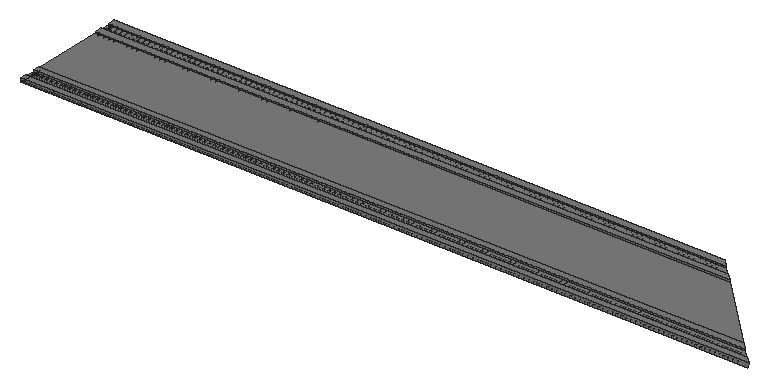
Revit family "External Joint Retrofit", category Specialty Equipment, Revit 2019
Family settings
  Round Connector Dimension = Use Diameter
  Part Type = Normal
  OmniClass Number = 23.10.00.00
  OmniClass Title = Site Products
  Cut with Voids When Loaded = No
  Shared = No
  Room Calculation Point = No
Parameters (values of type "JP500- Horizontal")
  z_Vertical = no
  z_Left Cut Distance [instance] = if([Left Cut 45° Tee-Cross], 0.00", 3.00")  # 3.00"
  z_Horizontal = yes
  z_Distance 3 [instance] = if(Ellbow Cut, 4.00", 15.00")  # 4.00"
  z_Distance 2 [instance] = if(and(Corner Cut, z_Vertical), 0.44", 5.00")  # 5.00"
  z_Distance 1 [instance] = if([Right Cut 45° Tee-Cross], 5.00", 10.00")  # 10.00"
  z_Distance [instance] = if([Left Cut 45° Tee-Cross], 5.00", 10.00")  # 10.00"
  z_Cut Distance [instance] = if(z_Distance 2 = 0.44", 0.44", 0.00")  # 0.00"
  Width = 9.00"
  Weight = "2 lbs/lft"
  URL = "https://www.jpspecialties.com/"
  z_Right Cut Distance [instance] = if([Right Cut 45° Tee-Cross], 0.00", 3.00")  # 3.00"
  Telephone = "951-763-7077"
  Right Cut 45° Tee-Cross [instance] = no
  Product data url = "www.bimmodeller.com/jpspecialties/products/Polyvinyl-Chloride-PVC-Waterstop"
  Product Material = JP Specialties - Polyvinyl Chloride (PVC)
  Product Guid = "27e5cdcc-cece-4d8c-947d-ca6b8ef269ba"  # constant formula
  NOTE [instance] = "Elbow Cut and Tee-Cross cuts cannot be checked at the same time"  # constant formula
  Model = "JP500"
  Materials = TPV
  Manufacturer = "J P Specialties Inc."  # constant formula
  built-in parameter 1001306 [instance] = 48.00"
  Left Cut 45° Tee-Cross [instance] = no
  z_Ellbow Cut Distance [instance] = if(Ellbow Cut, 0.00", 3.00")  # 0.00"
  z_Ellbow Cut Sweep Distance [instance] = if(Ellbow Cut, 3.00", 0.00")  # 3.00"
  Hydrophobic = "Yes"
  Hydrophilic = "No"
  Height = 0.31"
  Ellbow Cut [instance] = yes
  Keynote = "13000"
  Edition number = 1
  Description = "JP500 is Earth Shield thermoplastic vulcanizate \"L\"-shaped external-applied, retrofit waterstop. Chemical, UV, fuel and ozone resistant. Includes all (40) s/s Tapcons and s/s bar."
  Corner Cut [instance] = no
  Certifications = "NSF 61, NSF 372, CRD C-572-74, ASTM D484"
  Assembly Code = "F1030"
Types (2): name | z_Vertical | z_Horizontal | z_Distance 3 | z_Distance 1 | z_Right Cut Distance | Right Cut 45° Tee-Cross | z_Ellbow Cut Distance | z_Ellbow Cut Sweep Distance | Ellbow Cut
  JP500- Horizontal | no | yes | 4.00" | 10.00" | 3.00" | no | 0.00" | 3.00" | yes
  JP500 - Vertical | yes | no | 15.00" | 5.00" | 0.00" | yes | 3.00" | 0.00" | no
Reference planes (in)
  plane 1 "Center (Front/Back)": y = 0
  plane 2: z = 0
  plane 3 "Left": x = 0
  plane 4 "Right": x = 48
  plane 5: y = 3
  plane 6: y = -3
  plane 7: z = -1
  plane 8: z = 10
  plane 9: z = -10
  plane 10: x = 51
  plane 11: z = 4
  plane 12: x = -5
  plane 13: x = 0
  plane 14: y = 4.75
Forms (in)
  Extrusion 1, void
    sketch origin (0, 0, 0) x (1, 0, 0) y (0, 1, 0)
      loop
        line (48, 0) -> (48, 4.75) -> (43.25, 4.75) -> (48, 0)
    from 2 to 12
  Extrusion 2, void
    sketch origin (0, 0, 0) x (1, 0, 0) y (0, 1, 0)
      loop
        line (51, -4.49984) -> (51, 4.75) -> (41.75016, 4.75) -> (51, -4.49984)
    from -1 to 12
  Extrusion 3, void
    sketch origin (0, 0, 0) x (1, 0, 0) y (0, 1, 0)
      loop
        line (51, 0) -> (43.5, -7.5) -> (51, -7.5) -> (51, 0)
    from 2 to 12
  Extrusion 4, void
    sketch origin (0, 0, 0) x (1, 0, 0) y (0, 0, 1)
      loop
        line (48, 5.05025) -> (48, 10) -> (43.05025, 10) -> (48, 5.05025)
    from -8.21469 to 12
  Extrusion 5, void
    sketch origin (0, 0, 0) x (1, 0, 0) y (0, 0, 1)
      loop
        line (48, -5) -> (43, -10) -> (48, -10) -> (48, -5)
    from -8.21469 to 12
  Extrusion 6, void
    sketch origin (0, 0, 0) x (1, 0, 0) y (0, 0, 1)
      loop
        line (51, 4.5004) -> (41.7496, -4.75) -> (51, -4.75) -> (51, 4.5004)
    from -8.21469 to 12
  Extrusion 7, void
    sketch origin (0, 0, 0) x (1, 0, 0) y (0, 1, 0)
      loop
        line (-5, -4.5025) -> (4.2525, 4.75) -> (-5, 4.75) -> (-5, -4.5025)
    from -8.14882 to 12
  Sweep 8, solid, material "TPV" <- "Materials", visible <- "z_Horizontal"
    path origin (0, 0, 0) x (1, 0, 0) y (0, 1, 0)
      loop
        line (-5, 0.00016) -> (51, 0.00016)
    profile "JP500 : JP500" origin (23, 0.00016, 0) x (0, 1, 0) y (0, 0, 1)
      loop
        line (2.75, -0.15625) -> (2.78125, -0.125) -> (2.8125, -0.15625) -> (2.84375, -0.125) -> (2.875, -0.15625) -> (2.90625, -0.125) -> (2.9375, -0.15625) -> (2.96875, -0.125) -> (3, -0.15625) -> (3.03125, -0.125) -> (3.0625, -0.15625) -> (3.09375, -0.125) -> (3.125, -0.15625) -> (3.15625, -0.125) -> (3.1875, -0.15625) -> (3.21875, -0.125) -> (3.25, -0.15625) -> (3.28125, -0.125) -> (3.3125, -0.15625) -> (3.34375, -0.125) -> (3.375, -0.15625) -> (3.40625, -0.125) -> (3.4375, -0.15625) -> (3.46875, -0.125) -> (3.5, -0.15625) -> (3.53125, -0.125) -> (3.5625, -0.15625) -> (3.59375, -0.125) -> (3.625, -0.15625) -> (3.65625, -0.125) -> (3.6875, -0.15625) -> (3.71875, -0.125) -> (3.75, -0.15625) -> (3.78125, -0.125) -> (3.8125, -0.15625) -> (3.84375, -0.125) -> (3.875, -0.15625) -> (3.90625, -0.125) -> (3.9375, -0.15625) -> (3.96875, -0.125) -> (4, -0.15625) -> (4.03125, -0.125) -> (4.0625, -0.15625) -> (4.09375, -0.125) -> (4.125, -0.15625) -> (4.15625, -0.125) -> (4.1875, -0.15625) -> (4.21875, -0.125) -> (4.25, -0.15625) -> (4.28125, -0.125) -> (4.3125, -0.15625) -> (4.34375, -0.125) -> (4.375, -0.15625) -> (4.40625, -0.125) -> (4.4375, -0.15625) -> (4.46875, -0.125) -> (4.5, -0.15625) -> (4.5, 0.15625) -> (4, 0.15625) -> (4, 0.02375) -> (3.25, 0.02375) -> (3.25, 0.15625) -> (2.75, 0.15625) -> (2.75, 0.03125) -> (-2.75, 0.03125) -> (-2.75, 0.15625) -> (-3.25, 0.15625) -> (-3.25, 0.02375) -> (-4, 0.02375) -> (-4, 0.15625) -> (-4.5, 0.15625) -> (-4.5, -0.15625) -> (-4.46875, -0.125) -> (-4.4375, -0.15625) -> (-4.40625, -0.125) -> (-4.375, -0.15625) -> (-4.34375, -0.125) -> (-4.3125, -0.15625) -> (-4.28125, -0.125) -> (-4.25, -0.15625) -> (-4.21875, -0.125) -> (-4.1875, -0.15625) -> (-4.15625, -0.125) -> (-4.125, -0.15625) -> (-4.09375, -0.125) -> (-4.0625, -0.15625) -> (-4.03125, -0.125) -> (-4, -0.15625) -> (-3.96875, -0.125) -> (-3.9375, -0.15625) -> (-3.90625, -0.125) -> (-3.875, -0.15625) -> (-3.84375, -0.125) -> (-3.8125, -0.15625) -> (-3.78125, -0.125) -> (-3.75, -0.15625) -> (-3.71875, -0.125) -> (-3.6875, -0.15625) -> (-3.65625, -0.125) -> (-3.625, -0.15625) -> (-3.59375, -0.125) -> (-3.5625, -0.15625) -> (-3.53125, -0.125) -> (-3.5, -0.15625) -> (-3.46875, -0.125) -> (-3.4375, -0.15625) -> (-3.40625, -0.125) -> (-3.375, -0.15625) -> (-3.34375, -0.125) -> (-3.3125, -0.15625) -> (-3.28125, -0.125) -> (-3.25, -0.15625) -> (-3.21875, -0.125) -> (-3.1875, -0.15625) -> (-3.15625, -0.125) -> (-3.125, -0.15625) -> (-3.09375, -0.125) -> (-3.0625, -0.15625) -> (-3.03125, -0.125) -> (-3, -0.15625) -> (-2.96875, -0.125) -> (-2.9375, -0.15625) -> (-2.90625, -0.125) -> (-2.875, -0.15625) -> (-2.84375, -0.125) -> (-2.8125, -0.15625) -> (-2.78125, -0.125) -> (-2.75, -0.15625) -> (2.75, -0.15625)
  Sweep 9, solid, material "TPV" <- "Materials", visible <- "z_Vertical"
    path origin (0, 0, 0) x (1, 0, 0) y (0, 1, 0)
      loop
        line (-5, 0) -> (51, 0)
    profile "JP500 : JP500" origin (23, 0, 0) x (0, 1, 0) y (0, 0, 1)
      loop
        line (-0.1556, -2.7496) -> (-0.12435, -2.78085) -> (-0.1556, -2.8121) -> (-0.12435, -2.84335) -> (-0.15559, -2.8746) -> (-0.12434, -2.90585) -> (-0.15559, -2.9371) -> (-0.12434, -2.96835) -> (-0.15558, -2.9996) -> (-0.12433, -3.03085) -> (-0.15558, -3.0621) -> (-0.12433, -3.09335) -> (-0.15557, -3.1246) -> (-0.12432, -3.15585) -> (-0.15557, -3.1871) -> (-0.12431, -3.21835) -> (-0.15556, -3.2496) -> (-0.12431, -3.28085) -> (-0.15556, -3.3121) -> (-0.1243, -3.34335) -> (-0.15555, -3.3746) -> (-0.1243, -3.40585) -> (-0.15555, -3.4371) -> (-0.12429, -3.46835) -> (-0.15554, -3.4996) -> (-0.12429, -3.53085) -> (-0.15554, -3.5621) -> (-0.12428, -3.59335) -> (-0.15553, -3.6246) -> (-0.12428, -3.65585) -> (-0.15552, -3.6871) -> (-0.12427, -3.71835) -> (-0.15552, -3.7496) -> (-0.12427, -3.78085) -> (-0.15551, -3.8121) -> (-0.12426, -3.84335) -> (-0.15551, -3.8746) -> (-0.12426, -3.90585) -> (-0.1555, -3.9371) -> (-0.12425, -3.96835) -> (-0.1555, -3.9996) -> (-0.12425, -4.03085) -> (-0.15549, -4.0621) -> (-0.12424, -4.09335) -> (-0.15549, -4.1246) -> (-0.12423, -4.15585) -> (-0.15548, -4.1871) -> (-0.12423, -4.21835) -> (-0.15548, -4.2496) -> (-0.12422, -4.28085) -> (-0.15547, -4.3121) -> (-0.12422, -4.34335) -> (-0.15547, -4.3746) -> (-0.12421, -4.40585) -> (-0.15546, -4.4371) -> (-0.12421, -4.46835) -> (-0.15545, -4.4996) -> (0.15705, -4.49958) -> (0.157, -3.99958) -> (0.0245, -3.99959) -> (0.02444, -3.24959) -> (0.15694, -3.24958) -> (0.1569, -2.74958) -> (0.0319, -2.74959) -> (0.03142, 2.75041) -> (0.15642, 2.75042) -> (0.15638, 3.25042) -> (0.02388, 3.25041) -> (0.02382, 4.00041) -> (0.15632, 4.00042) -> (0.15627, 4.50042) -> (-0.15623, 4.5004) -> (-0.12497, 4.46915) -> (-0.15622, 4.4379) -> (-0.12497, 4.40665) -> (-0.15622, 4.3754) -> (-0.12496, 4.34415) -> (-0.15621, 4.3129) -> (-0.12496, 4.28165) -> (-0.1562, 4.2504) -> (-0.12495, 4.21915) -> (-0.1562, 4.1879) -> (-0.12495, 4.15665) -> (-0.15619, 4.1254) -> (-0.12494, 4.09415) -> (-0.15619, 4.0629) -> (-0.12494, 4.03165) -> (-0.15618, 4.0004) -> (-0.12493, 3.96915) -> (-0.15618, 3.9379) -> (-0.12493, 3.90665) -> (-0.15617, 3.8754) -> (-0.12492, 3.84415) -> (-0.15617, 3.8129) -> (-0.12491, 3.78165) -> (-0.15616, 3.7504) -> (-0.12491, 3.71915) -> (-0.15616, 3.6879) -> (-0.1249, 3.65665) -> (-0.15615, 3.6254) -> (-0.1249, 3.59415) -> (-0.15615, 3.5629) -> (-0.12489, 3.53165) -> (-0.15614, 3.5004) -> (-0.12489, 3.46915) -> (-0.15614, 3.4379) -> (-0.12488, 3.40665) -> (-0.15613, 3.3754) -> (-0.12488, 3.34415) -> (-0.15612, 3.3129) -> (-0.12487, 3.28165) -> (-0.15612, 3.2504) -> (-0.12487, 3.21915) -> (-0.15611, 3.1879) -> (-0.12486, 3.15665) -> (-0.15611, 3.1254) -> (-0.12486, 3.09415) -> (-0.1561, 3.0629) -> (-0.12485, 3.03165) -> (-0.1561, 3.0004) -> (-0.12484, 2.96915) -> (-0.15609, 2.9379) -> (-0.12484, 2.90665) -> (-0.15609, 2.8754) -> (-0.12483, 2.84415) -> (-0.15608, 2.8129) -> (-0.12483, 2.78165) -> (-0.15608, 2.7504) -> (-0.1556, -2.7496)
Cuts and joins
  Extrusion 1, Extrusion 2, Extrusion 3 cuts Sweep 8
  Extrusion 4, Extrusion 5, Extrusion 6, Extrusion 7 cuts Sweep 9
Lines and regions (in)
  reference lines
    curve 1: line (0, 0, 0) -> (48, 0, 0)
Dimensions and locks (in)
  "built-in parameter 1001306": plane 3 "Left" to plane 4 "Right"
  equal spacing: plane 5, plane 1 "Center (Front/Back)", plane 6
  locked: plane 5 to plane 6 at 6
  locked: Extrusion 1 sketch curve to plane 4 "Right" at 4.75
  locked: plane 2 to plane 7 at 1
  "z_Left Cut Distance": Extrusion 1 to plane 7
  locked: Extrusion 2 sketch curve to plane 4 "Right" at 6.24984
  locked: Extrusion 2 sketch curve to plane 5 at 7.49984
  "z_Ellbow Cut Distance": Extrusion 2 to plane 7
  locked: plane 4 "Right" to Extrusion 2 sketch curve at 3
  locked: Extrusion 3 sketch curve to plane 4 "Right" at 4.5
  locked: plane 6 to Extrusion 3 sketch curve at 3
  "z_Right Cut Distance": Extrusion 3 to plane 7
  "z_Distance": plane 8 to plane 2
  locked: plane 8 to Extrusion 4 sketch curve at 4.94975
  "z_Distance 1": plane 2 to plane 9
  locked: Extrusion 5 sketch curve to plane 9 at 5
  "z_Ellbow Cut Sweep Distance": plane 10 to plane 4 "Right"
  "z_Distance 3": plane 11 to plane 2
  "z_Distance 2": plane 12 to plane 3 "Left"
  locked: plane 1 "Center (Front/Back)" to Extrusion 7 sketch curve at 4.75
  "z_Cut Distance": plane 13 to plane 3 "Left"
  locked: plane 12 to Extrusion 7 sketch curve at 9.2525
  locked: plane 5 to plane 14 at 1.75
  Extrusion 6 sketch curve to plane 11 to Extrusion 6 sketch curve = 0.5004" locked, 8.75" locked
  locked: plane 10 to Extrusion 6 sketch curve at 9.2504
  locked: plane 4 "Right" to Extrusion 1 sketch curve (angle 45.00°)
  locked: plane 4 "Right" to Extrusion 2 sketch curve (angle 45.00°)
  locked: Extrusion 3 sketch curve to plane 4 "Right" (angle 45.00°)
  locked: plane 4 "Right" to Extrusion 4 sketch curve (angle 45.00°)
  angle Extrusion 5 sketch curve to plane 4 "Right" = 45.00°
  locked: Extrusion 6 sketch curve to Extrusion 6 sketch curve (angle 45.00°)
  locked: Extrusion 7 sketch curve to plane 12 (angle 45.00°)
  aligned and locked: plane 4 "Right" to curve 1
  aligned and locked: plane 1 "Center (Front/Back)" to curve 1
  aligned and locked: plane 3 "Left" to curve 1
  aligned and locked: level to plane 2
  aligned and locked: Extrusion 1 sketch curve to plane 4 "Right"
  aligned and locked: plane 1 "Center (Front/Back)" to Extrusion 1 sketch curve
  aligned and locked: Extrusion 4 sketch curve to plane 8
  aligned and locked: Extrusion 4 sketch curve to plane 4 "Right"
  aligned and locked: plane 4 "Right" to Extrusion 5 sketch curve  (x2)
  aligned and locked: plane 9 to Extrusion 5 sketch curve
  aligned and locked: plane 10 to Extrusion 6 sketch curve
  aligned and locked: plane 12 to Sweep 8 sketch curve
  aligned and locked: plane 10 to Sweep 8 sketch curve
  aligned and locked: plane 10 to Extrusion 3 sketch curve
  aligned and locked: plane 14 to Extrusion 1 sketch curve
  aligned and locked: plane 12 to Sweep 9 sketch curve
  aligned and locked: plane 1 "Center (Front/Back)" to Sweep 9 sketch curve
  aligned and locked: plane 10 to Sweep 9 sketch curve
  aligned and locked: plane 12 to Extrusion 7 sketch curve
Automatic sketch dimensions
  Sweep 8 sketch curve to plane 1 "Center (Front/Back)" = 0.00016"
